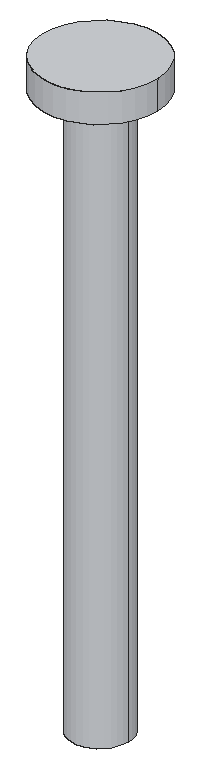
Revit family "GC - Bullone", category Generic Models, host Face, Revit 2018
Family settings
  Host = Face
  Can host rebar = No
  Round Connector Dimension = Use Diameter
  Part Type = Normal
  Cut with Voids When Loaded = No
  Shared = No
  Room Calculation Point = No
Parameters
  Testa Bullone _ Spessore = 0.50 cm
  Testa Bullone _ Raggio = Testa Bullone _ Diametro / 2  # 1.00 cm
  Testa Bullone _ Diametro = 2.00 cm
  Default Elevation = 121.92 cm
  Anima Bullone _ Lunghezza = 10.00 cm
  Anima Bullone _ Raggio = Anima Bullone _ Diametro / 2  # 0.50 cm
  Anima Bullone _ Diametro = 1.00 cm
Reference planes (cm)
  plane 1 "Center (Front/Back)": y = 0
  plane 2: z = 0
  plane 3 "Center (Left/Right)": x = 0
  plane 4: z = 0.5
  plane 5: z = -10
Forms (cm)
  Extrusion 1, solid
    sketch origin (0, 0, 0) x (1, 0, 0) y (0, 1, 0)
      loop
        circle (0, 0) r 1
    from 0 to 0.5
  Extrusion 2, solid
    sketch origin (0, 0, 0) x (1, 0, 0) y (0, 1, 0)
      loop
        circle (0, 0) r 0.5
    from -10 to 0
Dimensions and locks (cm)
  "Testa Bullone _ Spessore": plane 2 to plane 4
  "Anima Bullone _ Lunghezza": plane 5 to plane 2
  "Testa Bullone _ Raggio": radius of Extrusion 1 sketch curve
  "Anima Bullone _ Raggio": radius of Extrusion 2 sketch curve
  aligned and locked: plane 2 to host face
  aligned and locked: level to host face
  aligned and locked: plane 4 to Extrusion 1
  aligned and locked: Extrusion 2 to plane 5
  aligned and locked: plane 2 to Extrusion 2
Automatic sketch dimensions
  host sketch curve to host sketch curve = 243.84 cm  (x2)
  plane 1 "Center (Front/Back)" to Extrusion 1 sketch curve = 0.00 cm
  Extrusion 1 sketch curve to plane 3 "Center (Left/Right)" = 0.00 cm
  plane 1 "Center (Front/Back)" to Extrusion 2 sketch curve = 0.00 cm
  Extrusion 2 sketch curve to plane 3 "Center (Left/Right)" = 0.00 cm
